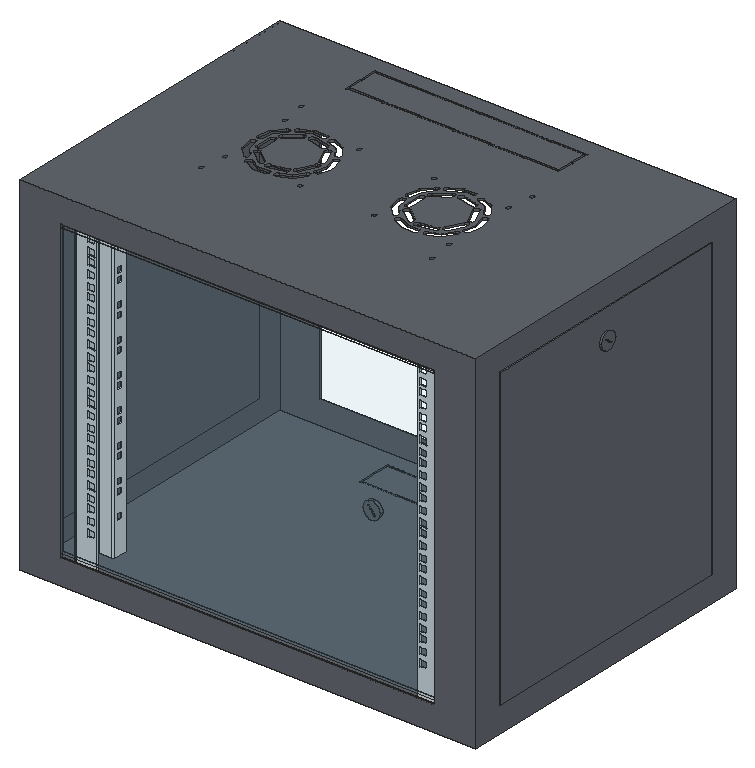
Revit family "Pivoting wallmount cabinets Legrand Linkeo with removable side panels", category Equipement spécialisé, Revit 2020 (continued)
Dimensions and locks
  equal spacing: plane 60 "Panneaux gauche", plane 66, plane 61 "Panneaux droit"
  locked: plane 1 "Centre (avant/arrière)" to plane 67 at 225
  aligned and locked: level to plane 2
  aligned and locked: Extrusion 1 sketch curve to level
  aligned and locked: plane 6 to Extrusion 1 sketch curve
  aligned and locked: plane 5 to Extrusion 1 sketch curve
  aligned and locked: Extrusion 1 sketch curve to plane 1 "Centre (avant/arrière)"
  aligned and locked: Extrusion 1 to plane 4
  aligned and locked: Extrusion 1 to plane 3 "Centre (gauche/droite)"
  aligned and locked: cut or joined group 1 (Extrusion 1, Extrusion 2, Extrusion 3, Extrusion 5, Extrusion 6, Extrusion 7, Extrusion 36, Extrusion 52) to plane 13
  aligned and locked: Extrusion 3 sketch curve to plane 10
  aligned and locked: Extrusion 3 sketch curve to plane 7
  aligned and locked: plane 11 to Extrusion 3 sketch curve
  aligned and locked: plane 8 to Extrusion 3 sketch curve
  aligned and locked: Extrusion 1 to Extrusion 3
  aligned and locked: Extrusion 3 to plane 1 "Centre (avant/arrière)"
  aligned and locked: plane 7 to Extrusion 4 sketch curve
  aligned and locked: Extrusion 4 sketch curve to plane 8
  aligned and locked: plane 5 to Extrusion 6
  aligned and locked: Extrusion 6 to Extrusion 2
  aligned and locked: Extrusion 7 to level
  aligned and locked: plane 25 to plane 9
  aligned and locked: plane 20 to plane 12
  aligned and locked: plane 27 to Extrusion 8 sketch curve
  aligned and locked: Extrusion 8 sketch curve to plane 26
  aligned and locked: Extrusion 8 sketch curve to plane 30
  aligned and locked: Extrusion 8 sketch curve to plane 32
  aligned and locked: Extrusion 8 sketch curve to plane 34
  aligned and locked: Extrusion 8 sketch curve to plane 35
  aligned and locked: plane 33 to Extrusion 8 sketch curve
  aligned and locked: plane 31 to Extrusion 8 sketch curve
  aligned and locked: Extrusion 8 sketch curve to plane 29
  aligned and locked: plane 28 to Extrusion 8 sketch curve
  aligned and locked: cut or joined group 1 to Extrusion 8
  aligned and locked: Extrusion 8 to Extrusion 9
  aligned and locked: plane 28 to Extrusion 10
  aligned and locked: plane 46 to Extrusion 11 sketch curve
  aligned and locked: plane 49 to Extrusion 11 sketch curve
  aligned and locked: Extrusion 11 sketch curve to plane 51
  aligned and locked: Extrusion 11 sketch curve to plane 52
  aligned and locked: plane 50 to Extrusion 11 sketch curve
  aligned and locked: Extrusion 11 sketch curve to plane 48
  aligned and locked: Extrusion 11 sketch curve to plane 47
  aligned and locked: cut or joined group 1 to Extrusion 11
  aligned and locked: Extrusion 36 to plane 34
  aligned and locked: Extrusion 36 to plane 40
  aligned and locked: plane 41 to Extrusion 36
  aligned and locked: Extrusion 36 to plane 42
  aligned and locked: plane 43 to Extrusion 36
  aligned and locked: cut or joined group 2 (Extrusion 11, Extrusion 12, Extrusion 13, Extrusion 18, Extrusion 19, Extrusion 22, Extrusion 23, Extrusion 26, Extrusion 27, Extrusion 30, Extrusion 31, Extrusion 34, Extrusion 35, Extrusion 36, Extrusion 37, Extrusion 38, Extrusion 39, Extrusion 40, Extrusion 41, Extrusion 42, Extrusion 43, Extrusion 44, Extrusion 45, Extrusion 46, Extrusion 47, Extrusion 66, Extrusion 67, Extrusion 70, Extrusion 71, Extrusion 74, Extrusion 75, Extrusion 76, Extrusion 77, Extrusion 78, Extrusion 79, Extrusion 80, Extrusion 81) to Extrusion 37
  aligned and locked: cut or joined group 2 to Extrusion 36
  aligned and locked: Extrusion 48 to plane 55
  aligned and locked: plane 55 to plane 20
  aligned and locked: plane 56 to Extrusion 4
  aligned and locked: plane 6 to plane 56
  aligned and locked: plane 58 to Extrusion 52 sketch curve
  aligned and locked: Extrusion 52 sketch curve to plane 26
  aligned and locked: Extrusion 52 sketch curve to plane 54
  aligned and locked: plane 57 to Extrusion 52 sketch curve
  aligned and locked: Extrusion 52 to plane 4
  aligned and locked: plane 58 to Extrusion 53 sketch curve
  aligned and locked: Extrusion 53 sketch curve to plane 60 "Panneaux gauche"
  aligned and locked: Extrusion 53 sketch curve to plane 62 "Panneaux haut"
  aligned and locked: plane 61 "Panneaux droit" to Extrusion 53 sketch curve
  aligned and locked: plane 61 "Panneaux droit" to Extrusion 54
  aligned and locked: Extrusion 54 to plane 62 "Panneaux haut"
  aligned and locked: Extrusion 54 to plane 60 "Panneaux gauche"
  aligned and locked: cut or joined group 1 to Extrusion 54
  aligned and locked: plane 63 to curve 3
  aligned and locked: plane 4 to Extrusion 59
  aligned and locked: plane 64 to curve 4
  aligned and locked: plane 65 to curve 6
  aligned and locked: plane 66 to curve 3
  aligned and locked: plane 67 to curve 10
  aligned and locked: plane 5 to Extrusion 5
  aligned and locked: Extrusion 5 to Extrusion 2
Automatic sketch dimensions
  Extrusion 9 sketch curve to Extrusion 9 sketch curve = 0.00 mm
  Extrusion 9 sketch curve to Extrusion 9 sketch curve = 9.50 mm  (x4)
  Extrusion 9 sketch curve to Extrusion 9 sketch curve = 22.25 mm
  Extrusion 10 sketch curve to Extrusion 10 sketch curve = 9.50 mm  (x2)
  Extrusion 12 sketch curve to Extrusion 12 sketch curve = 0.00 mm
  Extrusion 12 sketch curve to Extrusion 12 sketch curve = 9.50 mm  (x4)
  Extrusion 12 sketch curve to Extrusion 12 sketch curve = 22.25 mm
  Extrusion 13 sketch curve to Extrusion 13 sketch curve = 9.50 mm  (x2)
  Extrusion 14 sketch curve to Extrusion 14 sketch curve = 0.00 mm
  Extrusion 14 sketch curve to Extrusion 14 sketch curve = 9.50 mm  (x4)
  Extrusion 14 sketch curve to Extrusion 14 sketch curve = 22.25 mm
  Extrusion 15 sketch curve to Extrusion 15 sketch curve = 9.50 mm  (x2)
  Extrusion 16 sketch curve to Extrusion 16 sketch curve = 0.00 mm
  Extrusion 16 sketch curve to Extrusion 16 sketch curve = 9.50 mm  (x4)
  Extrusion 16 sketch curve to Extrusion 16 sketch curve = 22.25 mm
  Extrusion 17 sketch curve to Extrusion 17 sketch curve = 9.50 mm  (x2)
  Extrusion 18 sketch curve to Extrusion 18 sketch curve = 0.00 mm
  Extrusion 18 sketch curve to Extrusion 18 sketch curve = 9.50 mm  (x4)
  Extrusion 18 sketch curve to Extrusion 18 sketch curve = 22.25 mm
  Extrusion 19 sketch curve to Extrusion 19 sketch curve = 9.50 mm  (x2)
  Extrusion 20 sketch curve to Extrusion 20 sketch curve = 0.00 mm
  Extrusion 20 sketch curve to Extrusion 20 sketch curve = 9.50 mm  (x4)
  Extrusion 20 sketch curve to Extrusion 20 sketch curve = 22.25 mm
  Extrusion 21 sketch curve to Extrusion 21 sketch curve = 9.50 mm  (x2)
  Extrusion 22 sketch curve to Extrusion 22 sketch curve = 0.00 mm
  Extrusion 22 sketch curve to Extrusion 22 sketch curve = 9.50 mm  (x4)
  Extrusion 22 sketch curve to Extrusion 22 sketch curve = 22.25 mm
  Extrusion 23 sketch curve to Extrusion 23 sketch curve = 9.50 mm  (x2)
  Extrusion 24 sketch curve to Extrusion 24 sketch curve = 0.00 mm
  Extrusion 24 sketch curve to Extrusion 24 sketch curve = 9.50 mm  (x4)
  Extrusion 24 sketch curve to Extrusion 24 sketch curve = 22.25 mm
  Extrusion 25 sketch curve to Extrusion 25 sketch curve = 9.50 mm  (x2)
  Extrusion 26 sketch curve to Extrusion 26 sketch curve = 0.00 mm
  Extrusion 26 sketch curve to Extrusion 26 sketch curve = 9.50 mm  (x4)
  Extrusion 26 sketch curve to Extrusion 26 sketch curve = 22.25 mm
  Extrusion 27 sketch curve to Extrusion 27 sketch curve = 9.50 mm  (x2)
  Extrusion 28 sketch curve to Extrusion 28 sketch curve = 0.00 mm
  Extrusion 28 sketch curve to Extrusion 28 sketch curve = 9.50 mm  (x4)
  Extrusion 28 sketch curve to Extrusion 28 sketch curve = 22.25 mm
  Extrusion 29 sketch curve to Extrusion 29 sketch curve = 9.50 mm  (x2)
  Extrusion 30 sketch curve to Extrusion 30 sketch curve = 0.00 mm
  Extrusion 30 sketch curve to Extrusion 30 sketch curve = 9.50 mm  (x4)
  Extrusion 30 sketch curve to Extrusion 30 sketch curve = 22.25 mm
  Extrusion 31 sketch curve to Extrusion 31 sketch curve = 9.50 mm  (x2)
  Extrusion 32 sketch curve to Extrusion 32 sketch curve = 0.00 mm
  Extrusion 32 sketch curve to Extrusion 32 sketch curve = 9.50 mm  (x4)
  Extrusion 32 sketch curve to Extrusion 32 sketch curve = 22.25 mm
  Extrusion 33 sketch curve to Extrusion 33 sketch curve = 9.50 mm  (x2)
  Extrusion 34 sketch curve to Extrusion 34 sketch curve = 0.00 mm
  Extrusion 34 sketch curve to Extrusion 34 sketch curve = 9.50 mm  (x4)
  Extrusion 34 sketch curve to Extrusion 34 sketch curve = 22.25 mm
  Extrusion 35 sketch curve to Extrusion 35 sketch curve = 9.50 mm  (x2)
  Extrusion 36 sketch curve to Extrusion 36 sketch curve = 9.50 mm  (x2)
  Extrusion 37 sketch curve to Extrusion 37 sketch curve = 9.50 mm  (x2)
  Extrusion 38 sketch curve to Extrusion 38 sketch curve = 9.50 mm  (x2)
  Extrusion 39 sketch curve to Extrusion 39 sketch curve = 9.50 mm  (x2)
  Extrusion 40 sketch curve to Extrusion 40 sketch curve = 9.50 mm  (x2)
  Extrusion 41 sketch curve to Extrusion 41 sketch curve = 9.50 mm  (x2)
  Extrusion 42 sketch curve to Extrusion 42 sketch curve = 9.50 mm  (x2)
  Extrusion 43 sketch curve to Extrusion 43 sketch curve = 9.50 mm  (x2)
  Extrusion 44 sketch curve to Extrusion 44 sketch curve = 9.50 mm  (x2)
  Extrusion 45 sketch curve to Extrusion 45 sketch curve = 9.50 mm  (x2)
  Extrusion 46 sketch curve to Extrusion 46 sketch curve = 9.50 mm  (x2)
  Extrusion 47 sketch curve to Extrusion 47 sketch curve = 9.50 mm  (x2)
  Extrusion 49 sketch curve to Extrusion 49 sketch curve = 1.933 mm  (x2)
  Extrusion 49 sketch curve to Extrusion 49 sketch curve = 10.607 mm
  Extrusion 51 sketch curve to Extrusion 51 sketch curve = 1.933 mm  (x2)
  Extrusion 51 sketch curve to Extrusion 51 sketch curve = 10.607 mm
  curve 1 to plane 12 = 0.00 mm
  plane 23 to curve 1 = 12.00 mm
  curve 1 to plane 23 = 12.00 mm
  Extrusion 56 sketch curve to Extrusion 56 sketch curve = 1.933 mm  (x2)
  Extrusion 56 sketch curve to Extrusion 56 sketch curve = 10.607 mm
  curve 2 to curve 2 = 12.00 mm
  Extrusion 58 sketch curve to Extrusion 58 sketch curve = 1.933 mm  (x2)
  Extrusion 58 sketch curve to Extrusion 58 sketch curve = 10.607 mm
  curve 3 to curve 3 = 12.00 mm
  Extrusion 60 sketch curve to Extrusion 60 sketch curve = 1.933 mm  (x2)
  Extrusion 60 sketch curve to Extrusion 60 sketch curve = 10.607 mm
  curve 4 to curve 4 = 12.00 mm
  Extrusion 1 to Extrusion 6 sketch curve = 24.00 mm  (x3)
  Extrusion 1 to Extrusion 6 sketch curve = 152.50 mm
  Extrusion 6 sketch curve to Extrusion 6 sketch curve = 0.00 mm  (x17)
  Extrusion 6 sketch curve to Extrusion 6 sketch curve = 3.00 mm  (x11)
  Extrusion 6 sketch curve to Extrusion 6 sketch curve = 46.25 mm  (x3)
  Extrusion 6 sketch curve to Extrusion 6 sketch curve = 1.50 mm  (x12)
  Extrusion 6 sketch curve to Extrusion 6 sketch curve = 48.50 mm  (x4)
  Extrusion 1 to Extrusion 6 sketch curve = 27.00 mm
  Extrusion 6 sketch curve to Extrusion 6 sketch curve = 21.25 mm  (x2)
  Extrusion 6 sketch curve to Extrusion 6 sketch curve = 44.00 mm  (x2)
  plane 57 to Extrusion 7 sketch curve = 16.00 mm  (x2)
  plane 24 to Extrusion 7 sketch curve = 50.00 mm
  Extrusion 7 sketch curve to Extrusion 7 sketch curve = 0.00 mm  (x17)
  Extrusion 7 sketch curve to Extrusion 7 sketch curve = 3.00 mm  (x8)
  plane 57 to Extrusion 7 sketch curve = 13.00 mm  (x4)
  Extrusion 7 sketch curve to Extrusion 7 sketch curve = 46.25 mm  (x3)
  Extrusion 7 sketch curve to Extrusion 7 sketch curve = 1.50 mm  (x10)
  Extrusion 7 sketch curve to Extrusion 7 sketch curve = 48.50 mm  (x3)
  Extrusion 7 sketch curve to plane 9 = 0.75 mm  (x2)
  plane 9 to Extrusion 7 sketch curve = 0.75 mm  (x2)
  Extrusion 7 sketch curve to plane 61 "Panneaux droit" = 4.75 mm
  Extrusion 7 sketch curve to plane 61 "Panneaux droit" = 6.25 mm
  Extrusion 7 sketch curve to plane 61 "Panneaux droit" = 27.50 mm  (x2)
  Extrusion 8 sketch curve to Extrusion 8 sketch curve = 0.00 mm  (x6)
  Extrusion 8 sketch curve to Extrusion 8 sketch curve = 1.50 mm  (x3)
  Extrusion 11 sketch curve to Extrusion 11 sketch curve = 0.00 mm  (x6)
  Extrusion 11 sketch curve to Extrusion 11 sketch curve = 1.50 mm  (x2)
  Extrusion 11 sketch curve to Extrusion 11 sketch curve = 30.00 mm
  Extrusion 11 sketch curve to Extrusion 11 sketch curve = 17.50 mm
  Extrusion 54 sketch curve to plane 60 "Panneaux gauche" = 0.00 mm
  plane 62 "Panneaux haut" to Extrusion 54 sketch curve = 0.00 mm
  plane 58 to Extrusion 54 sketch curve = 0.00 mm
  Extrusion 54 sketch curve to plane 61 "Panneaux droit" = 0.00 mm
  Extrusion 62 sketch curve to Extrusion 62 sketch curve = 1.933 mm  (x2)
  Extrusion 62 sketch curve to Extrusion 62 sketch curve = 10.607 mm
  curve 6 to curve 6 = 12.00 mm
  curve 7 to curve 7 = 12.00 mm
  curve 8 to curve 8 = 12.00 mm
  curve 9 to curve 9 = 12.00 mm
  curve 10 to curve 10 = 45.00 mm
  curve 11 to curve 11 = 45.00 mm
  Extrusion 5 sketch curve to Extrusion 5 sketch curve = 0.00 mm  (x120)
  Extrusion 5 sketch curve to Extrusion 5 sketch curve = 0.762 mm
  Extrusion 5 sketch curve to Extrusion 5 sketch curve = 0.023 mm
  Extrusion 5 sketch curve to Extrusion 5 sketch curve = 4.116 mm  (x2)
  Extrusion 5 sketch curve to Extrusion 5 sketch curve = 4.13 mm
  Extrusion 5 sketch curve to Extrusion 5 sketch curve = 5.00 mm
  Extrusion 5 sketch curve to Extrusion 5 sketch curve = 0.108 mm
  Extrusion 5 sketch curve to Extrusion 5 sketch curve = 4.413 mm
  Extrusion 5 sketch curve to Extrusion 5 sketch curve = 4.114 mm
  Extrusion 5 sketch curve to Extrusion 5 sketch curve = 4.40 mm  (x2)
  Extrusion 5 sketch curve to Extrusion 5 sketch curve = 4.094 mm  (x2)
  Extrusion 5 sketch curve to Extrusion 5 sketch curve = 2.16 mm
  Extrusion 5 sketch curve to Extrusion 5 sketch curve = 3.397 mm  (x3)
  Extrusion 5 sketch curve to Extrusion 5 sketch curve = 1.819 mm
  Extrusion 5 sketch curve to Extrusion 5 sketch curve = 6.141 mm  (x2)
  Extrusion 5 sketch curve to Extrusion 5 sketch curve = 6.001 mm
  Extrusion 5 sketch curve to Extrusion 5 sketch curve = 3.835 mm
  Extrusion 5 sketch curve to Extrusion 5 sketch curve = 9.917 mm
  Extrusion 5 sketch curve to Extrusion 5 sketch curve = 3.82 mm  (x3)
  Extrusion 5 sketch curve to Extrusion 5 sketch curve = 1.732 mm
  Extrusion 5 sketch curve to Extrusion 5 sketch curve = 9.679 mm
  Extrusion 5 sketch curve to Extrusion 5 sketch curve = 1.665 mm  (x3)
  Extrusion 5 sketch curve to Extrusion 5 sketch curve = 2.774 mm  (x2)
  Extrusion 5 sketch curve to Extrusion 5 sketch curve = 2.712 mm  (x2)
  Extrusion 5 sketch curve to Extrusion 5 sketch curve = 10.829 mm
  Extrusion 5 sketch curve to Extrusion 5 sketch curve = 1.693 mm
  Extrusion 5 sketch curve to Extrusion 5 sketch curve = 3.832 mm
  Extrusion 5 sketch curve to Extrusion 5 sketch curve = 9.752 mm  (x2)
  Extrusion 5 sketch curve to Extrusion 5 sketch curve = 9.79 mm
  Extrusion 5 sketch curve to Extrusion 5 sketch curve = 0.927 mm  (x2)
  Extrusion 5 sketch curve to Extrusion 5 sketch curve = 0.956 mm
  Extrusion 5 sketch curve to Extrusion 5 sketch curve = 2.537 mm  (x2)
  Extrusion 5 sketch curve to Extrusion 5 sketch curve = 2.679 mm
  Extrusion 5 sketch curve to Extrusion 5 sketch curve = 1.73 mm  (x2)
  Extrusion 5 sketch curve to Extrusion 5 sketch curve = 1.661 mm
  Extrusion 5 sketch curve to Extrusion 5 sketch curve = 11.228 mm  (x2)
  Extrusion 5 sketch curve to Extrusion 5 sketch curve = 12.747 mm
  Extrusion 5 sketch curve to Extrusion 5 sketch curve = 0.068 mm
  Extrusion 5 sketch curve to Extrusion 5 sketch curve = 0.071 mm
  Extrusion 5 sketch curve to Extrusion 5 sketch curve = 0.193 mm  (x2)
  Extrusion 5 sketch curve to Extrusion 5 sketch curve = 6.551 mm  (x2)
  Extrusion 5 sketch curve to Extrusion 5 sketch curve = 0.934 mm  (x2)
  Extrusion 5 sketch curve to Extrusion 5 sketch curve = 7.601 mm
  Extrusion 5 sketch curve to Extrusion 5 sketch curve = 0.929 mm  (x2)
  Extrusion 5 sketch curve to Extrusion 5 sketch curve = 9.29 mm
  Extrusion 5 sketch curve to Extrusion 5 sketch curve = 8.798 mm  (x2)
  Extrusion 5 sketch curve to Extrusion 5 sketch curve = 0.739 mm  (x2)
  Extrusion 5 sketch curve to Extrusion 5 sketch curve = 7.749 mm  (x2)
  Extrusion 5 sketch curve to Extrusion 5 sketch curve = 0.201 mm  (x2)
  Extrusion 5 sketch curve to Extrusion 5 sketch curve = 7.182 mm
  Extrusion 5 sketch curve to Extrusion 5 sketch curve = 2.017 mm
  Extrusion 5 sketch curve to Extrusion 5 sketch curve = 2.659 mm  (x3)
  Extrusion 5 sketch curve to Extrusion 5 sketch curve = 11.278 mm
  Extrusion 5 sketch curve to Extrusion 5 sketch curve = 2.638 mm  (x6)
  Extrusion 5 sketch curve to Extrusion 5 sketch curve = 7.453 mm
  Extrusion 5 sketch curve to Extrusion 5 sketch curve = 7.509 mm  (x2)
  Extrusion 5 sketch curve to Extrusion 5 sketch curve = 1.957 mm  (x2)
  Extrusion 5 sketch curve to Extrusion 5 sketch curve = 2.02 mm  (x3)
  Extrusion 5 sketch curve to Extrusion 5 sketch curve = 2.023 mm
  Extrusion 5 sketch curve to Extrusion 5 sketch curve = 7.608 mm  (x2)
  Extrusion 5 sketch curve to Extrusion 5 sketch curve = 7.784 mm
  Extrusion 5 sketch curve to Extrusion 5 sketch curve = 0.664 mm  (x2)
  Extrusion 5 sketch curve to Extrusion 5 sketch curve = 1.373 mm
  Extrusion 5 sketch curve to Extrusion 5 sketch curve = 1.477 mm
  Extrusion 5 sketch curve to Extrusion 5 sketch curve = 2.658 mm  (x2)
  Extrusion 5 sketch curve to Extrusion 5 sketch curve = 2.635 mm  (x2)
  Extrusion 5 sketch curve to Extrusion 5 sketch curve = 3.199 mm
  Extrusion 5 sketch curve to Extrusion 5 sketch curve = 3.244 mm
  Extrusion 5 sketch curve to Extrusion 5 sketch curve = 4.25 mm  (x8)
  Extrusion 5 sketch curve to Extrusion 5 sketch curve = 5.15 mm  (x2)
  Extrusion 5 sketch curve to Extrusion 5 sketch curve = 3.196 mm  (x3)
  Extrusion 5 sketch curve to Extrusion 5 sketch curve = 3.248 mm
  Extrusion 5 sketch curve to Extrusion 5 sketch curve = 2.099 mm
  Extrusion 5 sketch curve to Extrusion 5 sketch curve = 8.755 mm  (x2)
  Extrusion 5 sketch curve to Extrusion 5 sketch curve = 3.947 mm  (x2)
  Extrusion 5 sketch curve to Extrusion 5 sketch curve = 3.981 mm  (x2)
  Extrusion 5 sketch curve to Extrusion 5 sketch curve = 9.129 mm
  Extrusion 5 sketch curve to Extrusion 5 sketch curve = 3.194 mm
  Extrusion 5 sketch curve to Extrusion 5 sketch curve = 9.259 mm
  Extrusion 5 sketch curve to Extrusion 5 sketch curve = 0.974 mm  (x2)
  Extrusion 5 sketch curve to Extrusion 5 sketch curve = 4.183 mm  (x3)
  Extrusion 5 sketch curve to Extrusion 5 sketch curve = 12.801 mm
  Extrusion 5 sketch curve to Extrusion 5 sketch curve = 12.446 mm
  Extrusion 5 sketch curve to Extrusion 5 sketch curve = 98.699 mm
  Extrusion 5 sketch curve to Extrusion 5 sketch curve = 0.02 mm
  Extrusion 5 sketch curve to Extrusion 5 sketch curve = 4.096 mm
  Extrusion 5 sketch curve to Extrusion 5 sketch curve = 4.128 mm
  Extrusion 5 sketch curve to Extrusion 5 sketch curve = 0.11 mm
  Extrusion 5 sketch curve to Extrusion 5 sketch curve = 4.218 mm
  Extrusion 5 sketch curve to Extrusion 5 sketch curve = 4.415 mm
  Extrusion 5 sketch curve to Extrusion 5 sketch curve = 4.115 mm  (x2)
  Extrusion 5 sketch curve to Extrusion 5 sketch curve = 2.162 mm
  Extrusion 5 sketch curve to Extrusion 5 sketch curve = 3.395 mm
  Extrusion 5 sketch curve to Extrusion 5 sketch curve = 5.935 mm
  Extrusion 5 sketch curve to Extrusion 5 sketch curve = 3.442 mm  (x5)
  Extrusion 5 sketch curve to Extrusion 5 sketch curve = 9.844 mm
  Extrusion 5 sketch curve to Extrusion 5 sketch curve = 3.834 mm
  Extrusion 5 sketch curve to Extrusion 5 sketch curve = 6.233 mm
  Extrusion 5 sketch curve to Extrusion 5 sketch curve = 3.838 mm
  Extrusion 5 sketch curve to Extrusion 5 sketch curve = 11.649 mm
  Extrusion 5 sketch curve to Extrusion 5 sketch curve = 3.445 mm
  Extrusion 5 sketch curve to Extrusion 5 sketch curve = 1.663 mm
  Extrusion 5 sketch curve to Extrusion 5 sketch curve = 6.879 mm
  Extrusion 5 sketch curve to Extrusion 5 sketch curve = 1.596 mm
  Extrusion 5 sketch curve to Extrusion 5 sketch curve = 3.825 mm
  Extrusion 5 sketch curve to Extrusion 5 sketch curve = 9.789 mm
  Extrusion 5 sketch curve to Extrusion 5 sketch curve = 0.957 mm
  Extrusion 5 sketch curve to Extrusion 5 sketch curve = 2.681 mm
  Extrusion 5 sketch curve to Extrusion 5 sketch curve = 1.662 mm
  Extrusion 5 sketch curve to Extrusion 5 sketch curve = 12.746 mm
  Extrusion 5 sketch curve to Extrusion 5 sketch curve = 0.119 mm
  Extrusion 5 sketch curve to Extrusion 5 sketch curve = 0.121 mm
  Extrusion 5 sketch curve to Extrusion 5 sketch curve = 7.502 mm
  Extrusion 5 sketch curve to Extrusion 5 sketch curve = 7.853 mm
  Extrusion 5 sketch curve to Extrusion 5 sketch curve = 1.018 mm
  Extrusion 5 sketch curve to Extrusion 5 sketch curve = 3.425 mm
  Extrusion 5 sketch curve to Extrusion 5 sketch curve = 10.093 mm
  Extrusion 5 sketch curve to Extrusion 5 sketch curve = 2.018 mm
  Extrusion 5 sketch curve to Extrusion 5 sketch curve = 7.782 mm
  Extrusion 5 sketch curve to Extrusion 5 sketch curve = 2.656 mm
  Extrusion 5 sketch curve to Extrusion 5 sketch curve = 1.916 mm
  Extrusion 5 sketch curve to Extrusion 5 sketch curve = 2.086 mm
  Extrusion 5 sketch curve to Extrusion 5 sketch curve = 3.246 mm  (x3)
  Extrusion 5 sketch curve to Extrusion 5 sketch curve = 8.844 mm
  Extrusion 5 sketch curve to Extrusion 5 sketch curve = 4.946 mm
  Extrusion 5 sketch curve to Extrusion 5 sketch curve = 9.339 mm
  Extrusion 5 sketch curve to Extrusion 5 sketch curve = 4.182 mm  (x2)
  Extrusion 5 sketch curve to Extrusion 5 sketch curve = 3.193 mm
  Extrusion 5 sketch curve to Extrusion 5 sketch curve = 4.17 mm  (x2)
  Extrusion 5 sketch curve to Extrusion 5 sketch curve = 12.448 mm
  Extrusion 5 sketch curve to Extrusion 5 sketch curve = 16.00 mm
  Extrusion 5 sketch curve to Extrusion 5 sketch curve = 4.998 mm  (x2)
  Extrusion 5 sketch curve to Extrusion 5 sketch curve = 32.934 mm  (x2)
  Extrusion 5 sketch curve to Extrusion 5 sketch curve = 0.039 mm  (x3)
  Extrusion 5 sketch curve to Extrusion 5 sketch curve = 0.04 mm
  Extrusion 5 sketch curve to Extrusion 5 sketch curve = 2.498 mm
  Extrusion 5 sketch curve to Extrusion 5 sketch curve = 35.498 mm
  Extrusion 5 sketch curve to Extrusion 5 sketch curve = 2.525 mm
  Extrusion 5 sketch curve to Extrusion 5 sketch curve = 2.566 mm
  Extrusion 5 sketch curve to Extrusion 5 sketch curve = 35.50 mm  (x2)
  Extrusion 5 sketch curve to Extrusion 5 sketch curve = 3.741 mm  (x2)
  Extrusion 5 sketch curve to Extrusion 5 sketch curve = 3.74 mm
  Extrusion 5 sketch curve to Extrusion 5 sketch curve = 4.248 mm
  Extrusion 5 sketch curve to Extrusion 5 sketch curve = 0.951 mm
  Extrusion 5 sketch curve to Extrusion 5 sketch curve = 2.405 mm
  Extrusion 5 sketch curve to Extrusion 5 sketch curve = 1.097 mm
  Extrusion 5 sketch curve to Extrusion 5 sketch curve = 7.843 mm
  Extrusion 5 sketch curve to Extrusion 5 sketch curve = 4.281 mm
  Extrusion 5 sketch curve to Extrusion 5 sketch curve = 2.551 mm
  Extrusion 5 sketch curve to Extrusion 5 sketch curve = 2.552 mm
  Extrusion 5 sketch curve to Extrusion 5 sketch curve = 1.356 mm
  Extrusion 5 sketch curve to Extrusion 5 sketch curve = 3.912 mm  (x2)
  Extrusion 5 sketch curve to Extrusion 5 sketch curve = 3.738 mm
  Extrusion 5 sketch curve to Extrusion 5 sketch curve = 3.56 mm
  Extrusion 5 sketch curve to Extrusion 5 sketch curve = 3.911 mm
  Extrusion 5 sketch curve to Extrusion 5 sketch curve = 0.382 mm
  Extrusion 5 sketch curve to Extrusion 5 sketch curve = 7.868 mm
  Extrusion 5 sketch curve to Extrusion 5 sketch curve = 11.634 mm
  Extrusion 5 sketch curve to Extrusion 5 sketch curve = 5.35 mm
  Extrusion 5 sketch curve to Extrusion 5 sketch curve = 5.352 mm
  Extrusion 5 sketch curve to Extrusion 5 sketch curve = 3.464 mm  (x2)
  Extrusion 5 sketch curve to Extrusion 5 sketch curve = 6.063 mm
  Extrusion 5 sketch curve to Extrusion 5 sketch curve = 6.064 mm
  Extrusion 5 sketch curve to Extrusion 5 sketch curve = 3.332 mm  (x2)
  Extrusion 5 sketch curve to Extrusion 5 sketch curve = 3.713 mm
  Extrusion 5 sketch curve to Extrusion 5 sketch curve = 2.743 mm  (x2)
  Extrusion 5 sketch curve to Extrusion 5 sketch curve = 2.741 mm
  Extrusion 5 sketch curve to Extrusion 5 sketch curve = 4.141 mm  (x2)
  Extrusion 5 sketch curve to Extrusion 5 sketch curve = 10.631 mm
  Extrusion 5 sketch curve to Extrusion 5 sketch curve = 13.187 mm
  Extrusion 5 sketch curve to Extrusion 5 sketch curve = 2.556 mm
  Extrusion 5 sketch curve to Extrusion 5 sketch curve = 2.554 mm
  Extrusion 5 sketch curve to Extrusion 5 sketch curve = 0.959 mm
  Extrusion 5 sketch curve to Extrusion 5 sketch curve = 11.318 mm
  Extrusion 5 sketch curve to Extrusion 5 sketch curve = 7.433 mm
  Extrusion 5 sketch curve to Extrusion 5 sketch curve = 10.179 mm
  Extrusion 5 sketch curve to Extrusion 5 sketch curve = 1.837 mm
  Extrusion 5 sketch curve to Extrusion 5 sketch curve = 1.674 mm
  Extrusion 5 sketch curve to Extrusion 5 sketch curve = 0.749 mm
  Extrusion 5 sketch curve to Extrusion 5 sketch curve = 2.423 mm
  Extrusion 5 sketch curve to Extrusion 5 sketch curve = 3.335 mm  (x2)
  Extrusion 5 sketch curve to Extrusion 5 sketch curve = 1.873 mm  (x2)
  Extrusion 5 sketch curve to Extrusion 5 sketch curve = 10.88 mm
  Extrusion 5 sketch curve to Extrusion 5 sketch curve = 10.883 mm
  Extrusion 5 sketch curve to Extrusion 5 sketch curve = 1.142 mm
  Extrusion 5 sketch curve to Extrusion 5 sketch curve = 1.14 mm
  Extrusion 5 sketch curve to Extrusion 5 sketch curve = 9.533 mm
  Extrusion 5 sketch curve to Extrusion 5 sketch curve = 9.534 mm
  Extrusion 5 sketch curve to Extrusion 5 sketch curve = 0.011 mm
  Extrusion 5 sketch curve to Extrusion 5 sketch curve = 0.01 mm
  Extrusion 5 sketch curve to Extrusion 5 sketch curve = 8.315 mm
  Extrusion 5 sketch curve to Extrusion 5 sketch curve = 8.317 mm
  Extrusion 5 sketch curve to Extrusion 5 sketch curve = 4.075 mm  (x2)
  Extrusion 5 sketch curve to Extrusion 5 sketch curve = 4.082 mm
  Extrusion 5 sketch curve to Extrusion 5 sketch curve = 0.758 mm
  Extrusion 5 sketch curve to Extrusion 5 sketch curve = 0.75 mm
  Extrusion 5 sketch curve to Extrusion 5 sketch curve = 1.832 mm
  Extrusion 5 sketch curve to Extrusion 5 sketch curve = 1.833 mm
  Extrusion 5 sketch curve to Extrusion 5 sketch curve = 6.438 mm
  Extrusion 5 sketch curve to Extrusion 5 sketch curve = 6.449 mm
  Extrusion 5 sketch curve to Extrusion 5 sketch curve = 1.144 mm
  Extrusion 5 sketch curve to Extrusion 5 sketch curve = 1.135 mm
  Extrusion 5 sketch curve to Extrusion 5 sketch curve = 9.734 mm
  Extrusion 5 sketch curve to Extrusion 5 sketch curve = 1.864 mm
  Extrusion 5 sketch curve to Extrusion 5 sketch curve = 9.773 mm
  Extrusion 5 sketch curve to Extrusion 5 sketch curve = 11.668 mm
  Extrusion 5 sketch curve to Extrusion 5 sketch curve = 13.243 mm
  Extrusion 5 sketch curve to Extrusion 5 sketch curve = 0.82 mm
  Extrusion 5 sketch curve to Extrusion 5 sketch curve = 4.72 mm
  Extrusion 5 sketch curve to Extrusion 5 sketch curve = 5.555 mm
  Extrusion 5 sketch curve to Extrusion 5 sketch curve = 0.015 mm  (x2)
  Extrusion 5 sketch curve to Extrusion 5 sketch curve = 9.069 mm
  Extrusion 5 sketch curve to Extrusion 5 sketch curve = 1.059 mm
  Extrusion 5 sketch curve to Extrusion 5 sketch curve = 10.127 mm
  Extrusion 5 sketch curve to Extrusion 5 sketch curve = 1.063 mm
  Extrusion 5 sketch curve to Extrusion 5 sketch curve = 9.504 mm
  Extrusion 5 sketch curve to Extrusion 5 sketch curve = 9.519 mm
  Extrusion 5 sketch curve to Extrusion 5 sketch curve = 0.888 mm  (x2)
  Extrusion 5 sketch curve to Extrusion 5 sketch curve = 1.945 mm  (x2)
  Extrusion 5 sketch curve to Extrusion 5 sketch curve = 0.83 mm
  Extrusion 5 sketch curve to Extrusion 5 sketch curve = 0.835 mm
  Extrusion 5 sketch curve to Extrusion 5 sketch curve = 9.576 mm
  Extrusion 5 sketch curve to Extrusion 5 sketch curve = 18.645 mm
  Extrusion 5 sketch curve to Extrusion 5 sketch curve = 3.316 mm  (x3)
  Extrusion 5 sketch curve to Extrusion 5 sketch curve = 3.318 mm
  Extrusion 5 sketch curve to Extrusion 5 sketch curve = 9.348 mm
  Extrusion 5 sketch curve to Extrusion 5 sketch curve = 1.863 mm
  Extrusion 5 sketch curve to Extrusion 5 sketch curve = 1.862 mm
  Extrusion 5 sketch curve to Extrusion 5 sketch curve = 2.493 mm  (x3)
  Extrusion 5 sketch curve to Extrusion 5 sketch curve = 12.899 mm
  Extrusion 5 sketch curve to Extrusion 5 sketch curve = 7.351 mm
  Extrusion 5 sketch curve to Extrusion 5 sketch curve = 10.962 mm
  Extrusion 5 sketch curve to Extrusion 5 sketch curve = 0.294 mm
  Extrusion 5 sketch curve to Extrusion 5 sketch curve = 9.196 mm
  Extrusion 5 sketch curve to Extrusion 5 sketch curve = 9.197 mm
  Extrusion 5 sketch curve to Extrusion 5 sketch curve = 1.621 mm
  Extrusion 5 sketch curve to Extrusion 5 sketch curve = 1.622 mm
  Extrusion 5 sketch curve to Extrusion 5 sketch curve = 2.798 mm
  Extrusion 5 sketch curve to Extrusion 5 sketch curve = 10.148 mm
  Extrusion 5 sketch curve to Extrusion 5 sketch curve = 9.556 mm
  Extrusion 5 sketch curve to Extrusion 5 sketch curve = 4.148 mm  (x2)
  Extrusion 5 sketch curve to Extrusion 5 sketch curve = 4.147 mm  (x2)
  Extrusion 5 sketch curve to Extrusion 5 sketch curve = 0.521 mm  (x2)
  Extrusion 5 sketch curve to Extrusion 5 sketch curve = 3.415 mm  (x2)
  Extrusion 5 sketch curve to Extrusion 5 sketch curve = 2.489 mm
  Extrusion 5 sketch curve to Extrusion 5 sketch curve = 3.773 mm  (x2)
  Extrusion 5 sketch curve to Extrusion 5 sketch curve = 6.194 mm  (x2)
  Extrusion 5 sketch curve to Extrusion 5 sketch curve = 3.579 mm  (x2)
  Extrusion 5 sketch curve to Extrusion 5 sketch curve = 7.574 mm
  Extrusion 5 sketch curve to Extrusion 5 sketch curve = 7.575 mm
  Extrusion 5 sketch curve to Extrusion 5 sketch curve = 3.882 mm  (x2)
  Extrusion 5 sketch curve to Extrusion 5 sketch curve = 4.246 mm  (x2)
  Extrusion 5 sketch curve to Extrusion 5 sketch curve = 4.298 mm  (x2)
  Extrusion 5 sketch curve to Extrusion 5 sketch curve = 17.173 mm
  Extrusion 5 sketch curve to Extrusion 5 sketch curve = 8.927 mm
  Extrusion 5 sketch curve to Extrusion 5 sketch curve = 11.415 mm
  Extrusion 5 sketch curve to Extrusion 5 sketch curve = 14.373 mm
  Extrusion 5 sketch curve to Extrusion 5 sketch curve = 4.245 mm  (x2)
  Extrusion 5 sketch curve to Extrusion 5 sketch curve = 35.501 mm
  Extrusion 5 sketch curve to Extrusion 5 sketch curve = 4.095 mm  (x2)
  Extrusion 5 sketch curve to Extrusion 5 sketch curve = 3.823 mm  (x4)
  Extrusion 5 sketch curve to Extrusion 5 sketch curve = 1.708 mm
  Extrusion 5 sketch curve to Extrusion 5 sketch curve = 3.836 mm  (x4)
  Extrusion 5 sketch curve to Extrusion 5 sketch curve = 1.734 mm  (x3)
  Extrusion 5 sketch curve to Extrusion 5 sketch curve = 0.931 mm  (x2)
  Extrusion 5 sketch curve to Extrusion 5 sketch curve = 0.96 mm  (x6)
  Extrusion 5 sketch curve to Extrusion 5 sketch curve = 0.197 mm  (x2)
  Extrusion 5 sketch curve to Extrusion 5 sketch curve = 2.138 mm
  Extrusion 5 sketch curve to Extrusion 5 sketch curve = 2.153 mm  (x2)
  Extrusion 5 sketch curve to Extrusion 5 sketch curve = 1.952 mm  (x2)
  Extrusion 5 sketch curve to Extrusion 5 sketch curve = 2.661 mm  (x2)
  Extrusion 5 sketch curve to Extrusion 5 sketch curve = 4.169 mm  (x2)
  Extrusion 5 sketch curve to Extrusion 5 sketch curve = 0.937 mm  (x2)
  Extrusion 5 sketch curve to Extrusion 5 sketch curve = 1.711 mm
  Extrusion 5 sketch curve to Extrusion 5 sketch curve = 2.14 mm
  Extrusion 5 sketch curve to Extrusion 5 sketch curve = 4.14 mm  (x2)
  Extrusion 5 sketch curve to Extrusion 5 sketch curve = 1.831 mm
  Extrusion 5 sketch curve to Extrusion 5 sketch curve = 1.857 mm
  Extrusion 5 sketch curve to Extrusion 5 sketch curve = 0.828 mm
  Extrusion 5 sketch curve to Extrusion 5 sketch curve = 2.801 mm
  Extrusion 63 sketch curve to Extrusion 63 sketch curve = 0.00 mm  (x120)
  Extrusion 63 sketch curve to Extrusion 63 sketch curve = 0.762 mm
  Extrusion 63 sketch curve to Extrusion 63 sketch curve = 0.023 mm
  Extrusion 63 sketch curve to Extrusion 63 sketch curve = 4.116 mm  (x2)
  Extrusion 63 sketch curve to Extrusion 63 sketch curve = 4.13 mm
  Extrusion 63 sketch curve to Extrusion 63 sketch curve = 5.00 mm
  Extrusion 63 sketch curve to Extrusion 63 sketch curve = 0.108 mm
  Extrusion 63 sketch curve to Extrusion 63 sketch curve = 4.413 mm
  Extrusion 63 sketch curve to Extrusion 63 sketch curve = 4.114 mm
  Extrusion 63 sketch curve to Extrusion 63 sketch curve = 4.40 mm  (x2)
  Extrusion 63 sketch curve to Extrusion 63 sketch curve = 4.094 mm  (x2)
  Extrusion 63 sketch curve to Extrusion 63 sketch curve = 2.16 mm
  Extrusion 63 sketch curve to Extrusion 63 sketch curve = 3.397 mm  (x3)
  Extrusion 63 sketch curve to Extrusion 63 sketch curve = 1.819 mm
  Extrusion 63 sketch curve to Extrusion 63 sketch curve = 6.141 mm  (x2)
  Extrusion 63 sketch curve to Extrusion 63 sketch curve = 6.001 mm
  Extrusion 63 sketch curve to Extrusion 63 sketch curve = 3.835 mm
  Extrusion 63 sketch curve to Extrusion 63 sketch curve = 9.917 mm
  Extrusion 63 sketch curve to Extrusion 63 sketch curve = 3.82 mm  (x3)
  Extrusion 63 sketch curve to Extrusion 63 sketch curve = 1.732 mm
  Extrusion 63 sketch curve to Extrusion 63 sketch curve = 9.679 mm
  Extrusion 63 sketch curve to Extrusion 63 sketch curve = 1.665 mm  (x3)
  Extrusion 63 sketch curve to Extrusion 63 sketch curve = 2.774 mm  (x2)
  Extrusion 63 sketch curve to Extrusion 63 sketch curve = 2.712 mm  (x2)
  Extrusion 63 sketch curve to Extrusion 63 sketch curve = 10.829 mm
  Extrusion 63 sketch curve to Extrusion 63 sketch curve = 1.693 mm
  Extrusion 63 sketch curve to Extrusion 63 sketch curve = 3.832 mm
  Extrusion 63 sketch curve to Extrusion 63 sketch curve = 9.752 mm  (x2)
  Extrusion 63 sketch curve to Extrusion 63 sketch curve = 9.79 mm
  Extrusion 63 sketch curve to Extrusion 63 sketch curve = 0.927 mm  (x2)
  Extrusion 63 sketch curve to Extrusion 63 sketch curve = 0.956 mm
  Extrusion 63 sketch curve to Extrusion 63 sketch curve = 2.537 mm  (x2)
  Extrusion 63 sketch curve to Extrusion 63 sketch curve = 2.679 mm
  Extrusion 63 sketch curve to Extrusion 63 sketch curve = 1.73 mm  (x2)
  Extrusion 63 sketch curve to Extrusion 63 sketch curve = 1.661 mm
  Extrusion 63 sketch curve to Extrusion 63 sketch curve = 11.228 mm  (x2)
  Extrusion 63 sketch curve to Extrusion 63 sketch curve = 12.747 mm
  Extrusion 63 sketch curve to Extrusion 63 sketch curve = 0.068 mm
  Extrusion 63 sketch curve to Extrusion 63 sketch curve = 0.071 mm
  Extrusion 63 sketch curve to Extrusion 63 sketch curve = 0.193 mm  (x2)
  Extrusion 63 sketch curve to Extrusion 63 sketch curve = 6.551 mm  (x2)
  Extrusion 63 sketch curve to Extrusion 63 sketch curve = 0.934 mm  (x2)
  Extrusion 63 sketch curve to Extrusion 63 sketch curve = 7.601 mm
  Extrusion 63 sketch curve to Extrusion 63 sketch curve = 0.929 mm  (x2)
  Extrusion 63 sketch curve to Extrusion 63 sketch curve = 9.29 mm
  Extrusion 63 sketch curve to Extrusion 63 sketch curve = 8.798 mm  (x2)
  Extrusion 63 sketch curve to Extrusion 63 sketch curve = 0.739 mm  (x2)
  Extrusion 63 sketch curve to Extrusion 63 sketch curve = 7.749 mm  (x2)
  Extrusion 63 sketch curve to Extrusion 63 sketch curve = 0.201 mm  (x2)
  Extrusion 63 sketch curve to Extrusion 63 sketch curve = 7.182 mm
  Extrusion 63 sketch curve to Extrusion 63 sketch curve = 2.017 mm
  Extrusion 63 sketch curve to Extrusion 63 sketch curve = 2.659 mm  (x3)
  Extrusion 63 sketch curve to Extrusion 63 sketch curve = 11.278 mm
  Extrusion 63 sketch curve to Extrusion 63 sketch curve = 2.638 mm  (x6)
  Extrusion 63 sketch curve to Extrusion 63 sketch curve = 7.453 mm
  Extrusion 63 sketch curve to Extrusion 63 sketch curve = 7.509 mm  (x2)
  Extrusion 63 sketch curve to Extrusion 63 sketch curve = 1.957 mm  (x2)
  Extrusion 63 sketch curve to Extrusion 63 sketch curve = 2.02 mm  (x3)
  Extrusion 63 sketch curve to Extrusion 63 sketch curve = 2.023 mm
  Extrusion 63 sketch curve to Extrusion 63 sketch curve = 7.608 mm  (x2)
  Extrusion 63 sketch curve to Extrusion 63 sketch curve = 7.784 mm
  Extrusion 63 sketch curve to Extrusion 63 sketch curve = 0.664 mm  (x2)
  Extrusion 63 sketch curve to Extrusion 63 sketch curve = 1.373 mm
  Extrusion 63 sketch curve to Extrusion 63 sketch curve = 1.477 mm
  Extrusion 63 sketch curve to Extrusion 63 sketch curve = 2.658 mm  (x2)
  Extrusion 63 sketch curve to Extrusion 63 sketch curve = 2.635 mm  (x2)
  Extrusion 63 sketch curve to Extrusion 63 sketch curve = 3.199 mm
  Extrusion 63 sketch curve to Extrusion 63 sketch curve = 3.244 mm
  Extrusion 63 sketch curve to Extrusion 63 sketch curve = 4.25 mm  (x8)
  Extrusion 63 sketch curve to Extrusion 63 sketch curve = 5.15 mm  (x2)
  Extrusion 63 sketch curve to Extrusion 63 sketch curve = 3.196 mm  (x3)
  Extrusion 63 sketch curve to Extrusion 63 sketch curve = 3.248 mm
  Extrusion 63 sketch curve to Extrusion 63 sketch curve = 2.099 mm
  Extrusion 63 sketch curve to Extrusion 63 sketch curve = 8.755 mm  (x2)
  Extrusion 63 sketch curve to Extrusion 63 sketch curve = 3.947 mm  (x2)
  Extrusion 63 sketch curve to Extrusion 63 sketch curve = 3.981 mm  (x2)
  Extrusion 63 sketch curve to Extrusion 63 sketch curve = 9.129 mm
  Extrusion 63 sketch curve to Extrusion 63 sketch curve = 3.194 mm
  Extrusion 63 sketch curve to Extrusion 63 sketch curve = 9.259 mm
  Extrusion 63 sketch curve to Extrusion 63 sketch curve = 0.974 mm  (x2)
  Extrusion 63 sketch curve to Extrusion 63 sketch curve = 4.183 mm  (x3)
  Extrusion 63 sketch curve to Extrusion 63 sketch curve = 12.801 mm
  Extrusion 63 sketch curve to Extrusion 63 sketch curve = 12.446 mm
  Extrusion 63 sketch curve to Extrusion 63 sketch curve = 98.699 mm
  Extrusion 63 sketch curve to Extrusion 63 sketch curve = 0.02 mm
  Extrusion 63 sketch curve to Extrusion 63 sketch curve = 4.096 mm
  Extrusion 63 sketch curve to Extrusion 63 sketch curve = 4.128 mm
  Extrusion 63 sketch curve to Extrusion 63 sketch curve = 0.11 mm
  Extrusion 63 sketch curve to Extrusion 63 sketch curve = 4.218 mm
  Extrusion 63 sketch curve to Extrusion 63 sketch curve = 4.415 mm
  Extrusion 63 sketch curve to Extrusion 63 sketch curve = 4.115 mm  (x2)
  Extrusion 63 sketch curve to Extrusion 63 sketch curve = 2.162 mm
  Extrusion 63 sketch curve to Extrusion 63 sketch curve = 3.395 mm
  Extrusion 63 sketch curve to Extrusion 63 sketch curve = 5.935 mm
  Extrusion 63 sketch curve to Extrusion 63 sketch curve = 3.442 mm  (x5)
  Extrusion 63 sketch curve to Extrusion 63 sketch curve = 9.844 mm
  Extrusion 63 sketch curve to Extrusion 63 sketch curve = 3.834 mm
  Extrusion 63 sketch curve to Extrusion 63 sketch curve = 6.233 mm
  Extrusion 63 sketch curve to Extrusion 63 sketch curve = 3.838 mm
  Extrusion 63 sketch curve to Extrusion 63 sketch curve = 11.649 mm
  Extrusion 63 sketch curve to Extrusion 63 sketch curve = 3.445 mm
  Extrusion 63 sketch curve to Extrusion 63 sketch curve = 1.663 mm
  Extrusion 63 sketch curve to Extrusion 63 sketch curve = 6.879 mm
  Extrusion 63 sketch curve to Extrusion 63 sketch curve = 1.596 mm
  Extrusion 63 sketch curve to Extrusion 63 sketch curve = 3.825 mm
  Extrusion 63 sketch curve to Extrusion 63 sketch curve = 9.789 mm
  Extrusion 63 sketch curve to Extrusion 63 sketch curve = 0.957 mm
  Extrusion 63 sketch curve to Extrusion 63 sketch curve = 2.681 mm
  Extrusion 63 sketch curve to Extrusion 63 sketch curve = 1.662 mm
  Extrusion 63 sketch curve to Extrusion 63 sketch curve = 12.746 mm
  Extrusion 63 sketch curve to Extrusion 63 sketch curve = 0.119 mm
  Extrusion 63 sketch curve to Extrusion 63 sketch curve = 0.121 mm
  Extrusion 63 sketch curve to Extrusion 63 sketch curve = 7.502 mm
  Extrusion 63 sketch curve to Extrusion 63 sketch curve = 7.853 mm
  Extrusion 63 sketch curve to Extrusion 63 sketch curve = 1.018 mm
  Extrusion 63 sketch curve to Extrusion 63 sketch curve = 3.425 mm
  Extrusion 63 sketch curve to Extrusion 63 sketch curve = 10.093 mm
  Extrusion 63 sketch curve to Extrusion 63 sketch curve = 2.018 mm
  Extrusion 63 sketch curve to Extrusion 63 sketch curve = 7.782 mm
  Extrusion 63 sketch curve to Extrusion 63 sketch curve = 2.656 mm
  Extrusion 63 sketch curve to Extrusion 63 sketch curve = 1.916 mm
  Extrusion 63 sketch curve to Extrusion 63 sketch curve = 2.086 mm
  Extrusion 63 sketch curve to Extrusion 63 sketch curve = 3.246 mm  (x3)
  Extrusion 63 sketch curve to Extrusion 63 sketch curve = 8.844 mm
  Extrusion 63 sketch curve to Extrusion 63 sketch curve = 4.946 mm
  Extrusion 63 sketch curve to Extrusion 63 sketch curve = 9.339 mm
  Extrusion 63 sketch curve to Extrusion 63 sketch curve = 4.182 mm  (x2)
  Extrusion 63 sketch curve to Extrusion 63 sketch curve = 3.193 mm
  Extrusion 63 sketch curve to Extrusion 63 sketch curve = 4.17 mm  (x2)
  Extrusion 63 sketch curve to Extrusion 63 sketch curve = 12.448 mm
  Extrusion 63 sketch curve to Extrusion 63 sketch curve = 16.00 mm
  Extrusion 63 sketch curve to Extrusion 63 sketch curve = 4.998 mm  (x2)
  Extrusion 63 sketch curve to Extrusion 63 sketch curve = 32.934 mm  (x2)
  Extrusion 63 sketch curve to Extrusion 63 sketch curve = 0.039 mm  (x3)
  Extrusion 63 sketch curve to Extrusion 63 sketch curve = 0.04 mm
  Extrusion 63 sketch curve to Extrusion 63 sketch curve = 2.498 mm
  Extrusion 63 sketch curve to Extrusion 63 sketch curve = 35.498 mm
  Extrusion 63 sketch curve to Extrusion 63 sketch curve = 2.525 mm
  Extrusion 63 sketch curve to Extrusion 63 sketch curve = 2.566 mm
  Extrusion 63 sketch curve to Extrusion 63 sketch curve = 35.50 mm  (x2)
  Extrusion 63 sketch curve to Extrusion 63 sketch curve = 3.741 mm  (x2)
  Extrusion 63 sketch curve to Extrusion 63 sketch curve = 3.74 mm
  Extrusion 63 sketch curve to Extrusion 63 sketch curve = 4.248 mm
  Extrusion 63 sketch curve to Extrusion 63 sketch curve = 0.951 mm
  Extrusion 63 sketch curve to Extrusion 63 sketch curve = 2.405 mm
  Extrusion 63 sketch curve to Extrusion 63 sketch curve = 1.097 mm
  Extrusion 63 sketch curve to Extrusion 63 sketch curve = 7.843 mm
  Extrusion 63 sketch curve to Extrusion 63 sketch curve = 4.281 mm
  Extrusion 63 sketch curve to Extrusion 63 sketch curve = 2.551 mm
  Extrusion 63 sketch curve to Extrusion 63 sketch curve = 2.552 mm
  Extrusion 63 sketch curve to Extrusion 63 sketch curve = 1.356 mm
  Extrusion 63 sketch curve to Extrusion 63 sketch curve = 3.912 mm  (x2)
  Extrusion 63 sketch curve to Extrusion 63 sketch curve = 3.738 mm
  Extrusion 63 sketch curve to Extrusion 63 sketch curve = 3.56 mm
  Extrusion 63 sketch curve to Extrusion 63 sketch curve = 3.911 mm
  Extrusion 63 sketch curve to Extrusion 63 sketch curve = 0.382 mm
  Extrusion 63 sketch curve to Extrusion 63 sketch curve = 7.868 mm
  Extrusion 63 sketch curve to Extrusion 63 sketch curve = 11.634 mm
  Extrusion 63 sketch curve to Extrusion 63 sketch curve = 5.35 mm
  Extrusion 63 sketch curve to Extrusion 63 sketch curve = 5.352 mm
  Extrusion 63 sketch curve to Extrusion 63 sketch curve = 3.464 mm  (x2)
  Extrusion 63 sketch curve to Extrusion 63 sketch curve = 6.063 mm
  Extrusion 63 sketch curve to Extrusion 63 sketch curve = 6.064 mm
  Extrusion 63 sketch curve to Extrusion 63 sketch curve = 3.332 mm  (x2)
  Extrusion 63 sketch curve to Extrusion 63 sketch curve = 3.713 mm
  Extrusion 63 sketch curve to Extrusion 63 sketch curve = 2.743 mm  (x2)
  Extrusion 63 sketch curve to Extrusion 63 sketch curve = 2.741 mm
  Extrusion 63 sketch curve to Extrusion 63 sketch curve = 4.141 mm  (x2)
  Extrusion 63 sketch curve to Extrusion 63 sketch curve = 10.631 mm
  Extrusion 63 sketch curve to Extrusion 63 sketch curve = 13.187 mm
  Extrusion 63 sketch curve to Extrusion 63 sketch curve = 2.556 mm
  Extrusion 63 sketch curve to Extrusion 63 sketch curve = 2.554 mm
  Extrusion 63 sketch curve to Extrusion 63 sketch curve = 0.959 mm
  Extrusion 63 sketch curve to Extrusion 63 sketch curve = 11.318 mm
  Extrusion 63 sketch curve to Extrusion 63 sketch curve = 7.433 mm
  Extrusion 63 sketch curve to Extrusion 63 sketch curve = 10.179 mm
  Extrusion 63 sketch curve to Extrusion 63 sketch curve = 1.837 mm
  Extrusion 63 sketch curve to Extrusion 63 sketch curve = 1.674 mm
  Extrusion 63 sketch curve to Extrusion 63 sketch curve = 0.749 mm
  Extrusion 63 sketch curve to Extrusion 63 sketch curve = 2.423 mm
  Extrusion 63 sketch curve to Extrusion 63 sketch curve = 3.335 mm  (x2)
  Extrusion 63 sketch curve to Extrusion 63 sketch curve = 1.873 mm  (x2)
  Extrusion 63 sketch curve to Extrusion 63 sketch curve = 10.88 mm
  Extrusion 63 sketch curve to Extrusion 63 sketch curve = 10.883 mm
  Extrusion 63 sketch curve to Extrusion 63 sketch curve = 1.142 mm
  Extrusion 63 sketch curve to Extrusion 63 sketch curve = 1.14 mm
  Extrusion 63 sketch curve to Extrusion 63 sketch curve = 9.533 mm
  Extrusion 63 sketch curve to Extrusion 63 sketch curve = 9.534 mm
  Extrusion 63 sketch curve to Extrusion 63 sketch curve = 0.011 mm
  Extrusion 63 sketch curve to Extrusion 63 sketch curve = 0.01 mm
  Extrusion 63 sketch curve to Extrusion 63 sketch curve = 8.315 mm
  Extrusion 63 sketch curve to Extrusion 63 sketch curve = 8.317 mm
  Extrusion 63 sketch curve to Extrusion 63 sketch curve = 4.075 mm  (x2)
  Extrusion 63 sketch curve to Extrusion 63 sketch curve = 4.082 mm
  Extrusion 63 sketch curve to Extrusion 63 sketch curve = 0.758 mm
  Extrusion 63 sketch curve to Extrusion 63 sketch curve = 0.75 mm
  Extrusion 63 sketch curve to Extrusion 63 sketch curve = 1.832 mm
  Extrusion 63 sketch curve to Extrusion 63 sketch curve = 1.833 mm
  Extrusion 63 sketch curve to Extrusion 63 sketch curve = 6.438 mm
  Extrusion 63 sketch curve to Extrusion 63 sketch curve = 6.449 mm
  Extrusion 63 sketch curve to Extrusion 63 sketch curve = 1.144 mm
  Extrusion 63 sketch curve to Extrusion 63 sketch curve = 1.135 mm
  Extrusion 63 sketch curve to Extrusion 63 sketch curve = 9.734 mm
  Extrusion 63 sketch curve to Extrusion 63 sketch curve = 1.864 mm
  Extrusion 63 sketch curve to Extrusion 63 sketch curve = 9.773 mm
  Extrusion 63 sketch curve to Extrusion 63 sketch curve = 11.668 mm
  Extrusion 63 sketch curve to Extrusion 63 sketch curve = 13.243 mm
  Extrusion 63 sketch curve to Extrusion 63 sketch curve = 0.82 mm
  Extrusion 63 sketch curve to Extrusion 63 sketch curve = 4.72 mm
  Extrusion 63 sketch curve to Extrusion 63 sketch curve = 5.555 mm
  Extrusion 63 sketch curve to Extrusion 63 sketch curve = 0.015 mm  (x2)
  Extrusion 63 sketch curve to Extrusion 63 sketch curve = 9.069 mm
  Extrusion 63 sketch curve to Extrusion 63 sketch curve = 1.059 mm
  Extrusion 63 sketch curve to Extrusion 63 sketch curve = 10.127 mm
  Extrusion 63 sketch curve to Extrusion 63 sketch curve = 1.063 mm
  Extrusion 63 sketch curve to Extrusion 63 sketch curve = 9.504 mm
  Extrusion 63 sketch curve to Extrusion 63 sketch curve = 9.519 mm
  Extrusion 63 sketch curve to Extrusion 63 sketch curve = 0.888 mm  (x2)
  Extrusion 63 sketch curve to Extrusion 63 sketch curve = 1.945 mm  (x2)
  Extrusion 63 sketch curve to Extrusion 63 sketch curve = 0.83 mm
  Extrusion 63 sketch curve to Extrusion 63 sketch curve = 0.835 mm
  Extrusion 63 sketch curve to Extrusion 63 sketch curve = 9.576 mm
  Extrusion 63 sketch curve to Extrusion 63 sketch curve = 18.645 mm
  Extrusion 63 sketch curve to Extrusion 63 sketch curve = 3.316 mm  (x3)
  Extrusion 63 sketch curve to Extrusion 63 sketch curve = 3.318 mm
  Extrusion 63 sketch curve to Extrusion 63 sketch curve = 9.348 mm
  Extrusion 63 sketch curve to Extrusion 63 sketch curve = 1.863 mm
  Extrusion 63 sketch curve to Extrusion 63 sketch curve = 1.862 mm
  Extrusion 63 sketch curve to Extrusion 63 sketch curve = 2.493 mm  (x3)
  Extrusion 63 sketch curve to Extrusion 63 sketch curve = 12.899 mm
  Extrusion 63 sketch curve to Extrusion 63 sketch curve = 7.351 mm
  Extrusion 63 sketch curve to Extrusion 63 sketch curve = 10.962 mm
  Extrusion 63 sketch curve to Extrusion 63 sketch curve = 0.294 mm
  Extrusion 63 sketch curve to Extrusion 63 sketch curve = 9.196 mm
  Extrusion 63 sketch curve to Extrusion 63 sketch curve = 9.197 mm
  Extrusion 63 sketch curve to Extrusion 63 sketch curve = 1.621 mm
  Extrusion 63 sketch curve to Extrusion 63 sketch curve = 1.622 mm
  Extrusion 63 sketch curve to Extrusion 63 sketch curve = 2.798 mm
  Extrusion 63 sketch curve to Extrusion 63 sketch curve = 10.148 mm
  Extrusion 63 sketch curve to Extrusion 63 sketch curve = 9.556 mm
  Extrusion 63 sketch curve to Extrusion 63 sketch curve = 4.148 mm  (x2)
  Extrusion 63 sketch curve to Extrusion 63 sketch curve = 4.147 mm  (x2)
  Extrusion 63 sketch curve to Extrusion 63 sketch curve = 0.521 mm  (x2)
  Extrusion 63 sketch curve to Extrusion 63 sketch curve = 3.415 mm  (x2)
  Extrusion 63 sketch curve to Extrusion 63 sketch curve = 2.489 mm
  Extrusion 63 sketch curve to Extrusion 63 sketch curve = 3.773 mm  (x2)
  Extrusion 63 sketch curve to Extrusion 63 sketch curve = 6.194 mm  (x2)
  Extrusion 63 sketch curve to Extrusion 63 sketch curve = 3.579 mm  (x2)
  Extrusion 63 sketch curve to Extrusion 63 sketch curve = 7.574 mm
  Extrusion 63 sketch curve to Extrusion 63 sketch curve = 7.575 mm
  Extrusion 63 sketch curve to Extrusion 63 sketch curve = 3.882 mm  (x2)
  Extrusion 63 sketch curve to Extrusion 63 sketch curve = 4.246 mm  (x2)
  Extrusion 63 sketch curve to Extrusion 63 sketch curve = 4.298 mm  (x2)
  Extrusion 63 sketch curve to Extrusion 63 sketch curve = 17.173 mm
  Extrusion 63 sketch curve to Extrusion 63 sketch curve = 8.927 mm
  Extrusion 63 sketch curve to Extrusion 63 sketch curve = 11.415 mm
  Extrusion 63 sketch curve to Extrusion 63 sketch curve = 14.373 mm
  Extrusion 63 sketch curve to Extrusion 63 sketch curve = 4.245 mm  (x2)
  Extrusion 63 sketch curve to Extrusion 63 sketch curve = 35.501 mm
  Extrusion 63 sketch curve to Extrusion 63 sketch curve = 4.095 mm  (x2)
  Extrusion 63 sketch curve to Extrusion 63 sketch curve = 3.823 mm  (x4)
  Extrusion 63 sketch curve to Extrusion 63 sketch curve = 1.708 mm
  Extrusion 63 sketch curve to Extrusion 63 sketch curve = 3.836 mm  (x4)
  Extrusion 63 sketch curve to Extrusion 63 sketch curve = 1.734 mm  (x3)
  Extrusion 63 sketch curve to Extrusion 63 sketch curve = 0.931 mm  (x2)
  Extrusion 63 sketch curve to Extrusion 63 sketch curve = 0.96 mm  (x6)
  Extrusion 63 sketch curve to Extrusion 63 sketch curve = 0.197 mm  (x2)
  Extrusion 63 sketch curve to Extrusion 63 sketch curve = 2.138 mm
  Extrusion 63 sketch curve to Extrusion 63 sketch curve = 2.153 mm  (x2)
  Extrusion 63 sketch curve to Extrusion 63 sketch curve = 1.952 mm  (x2)
  Extrusion 63 sketch curve to Extrusion 63 sketch curve = 2.661 mm  (x2)
  Extrusion 63 sketch curve to Extrusion 63 sketch curve = 4.169 mm  (x2)
  Extrusion 63 sketch curve to Extrusion 63 sketch curve = 0.937 mm  (x2)
  Extrusion 63 sketch curve to Extrusion 63 sketch curve = 1.711 mm
  Extrusion 63 sketch curve to Extrusion 63 sketch curve = 2.14 mm
  Extrusion 63 sketch curve to Extrusion 63 sketch curve = 4.14 mm  (x2)
  Extrusion 63 sketch curve to Extrusion 63 sketch curve = 1.831 mm
  Extrusion 63 sketch curve to Extrusion 63 sketch curve = 1.857 mm
  Extrusion 63 sketch curve to Extrusion 63 sketch curve = 0.828 mm
  Extrusion 63 sketch curve to Extrusion 63 sketch curve = 2.801 mm
  Extrusion 64 sketch curve to Extrusion 64 sketch curve = 0.00 mm
  Extrusion 64 sketch curve to Extrusion 64 sketch curve = 9.50 mm  (x4)
  Extrusion 64 sketch curve to Extrusion 64 sketch curve = 22.25 mm
  Extrusion 65 sketch curve to Extrusion 65 sketch curve = 9.50 mm  (x2)
  Extrusion 66 sketch curve to Extrusion 66 sketch curve = 0.00 mm
  Extrusion 66 sketch curve to Extrusion 66 sketch curve = 9.50 mm  (x4)
  Extrusion 66 sketch curve to Extrusion 66 sketch curve = 22.25 mm
  Extrusion 67 sketch curve to Extrusion 67 sketch curve = 9.50 mm  (x2)
  Extrusion 68 sketch curve to Extrusion 68 sketch curve = 0.00 mm
  Extrusion 68 sketch curve to Extrusion 68 sketch curve = 9.50 mm  (x4)
  Extrusion 68 sketch curve to Extrusion 68 sketch curve = 22.25 mm
  Extrusion 69 sketch curve to Extrusion 69 sketch curve = 9.50 mm  (x2)
  Extrusion 70 sketch curve to Extrusion 70 sketch curve = 0.00 mm
  Extrusion 70 sketch curve to Extrusion 70 sketch curve = 9.50 mm  (x4)
  Extrusion 70 sketch curve to Extrusion 70 sketch curve = 22.25 mm
  Extrusion 71 sketch curve to Extrusion 71 sketch curve = 9.50 mm  (x2)
  Extrusion 72 sketch curve to Extrusion 72 sketch curve = 0.00 mm
  Extrusion 72 sketch curve to Extrusion 72 sketch curve = 9.50 mm  (x4)
  Extrusion 72 sketch curve to Extrusion 72 sketch curve = 22.25 mm
  Extrusion 73 sketch curve to Extrusion 73 sketch curve = 9.50 mm  (x2)
  Extrusion 74 sketch curve to Extrusion 74 sketch curve = 0.00 mm
  Extrusion 74 sketch curve to Extrusion 74 sketch curve = 9.50 mm  (x4)
  Extrusion 74 sketch curve to Extrusion 74 sketch curve = 22.25 mm
  Extrusion 75 sketch curve to Extrusion 75 sketch curve = 9.50 mm  (x2)
  Extrusion 76 sketch curve to Extrusion 76 sketch curve = 9.50 mm  (x2)
  Extrusion 77 sketch curve to Extrusion 77 sketch curve = 9.50 mm  (x2)
  Extrusion 78 sketch curve to Extrusion 78 sketch curve = 9.50 mm  (x2)
  Extrusion 79 sketch curve to Extrusion 79 sketch curve = 9.50 mm  (x2)
  Extrusion 80 sketch curve to Extrusion 80 sketch curve = 9.50 mm  (x2)
  Extrusion 81 sketch curve to Extrusion 81 sketch curve = 9.50 mm  (x2)
  radius of Extrusion 48 sketch curve = 12.00 mm
  radius of Extrusion 50 sketch curve = 12.00 mm
  radius of Extrusion 55 sketch curve = 12.00 mm
  radius of Extrusion 57 sketch curve = 12.00 mm
  radius of Extrusion 59 sketch curve = 12.00 mm
  radius of Extrusion 61 sketch curve = 12.00 mm
